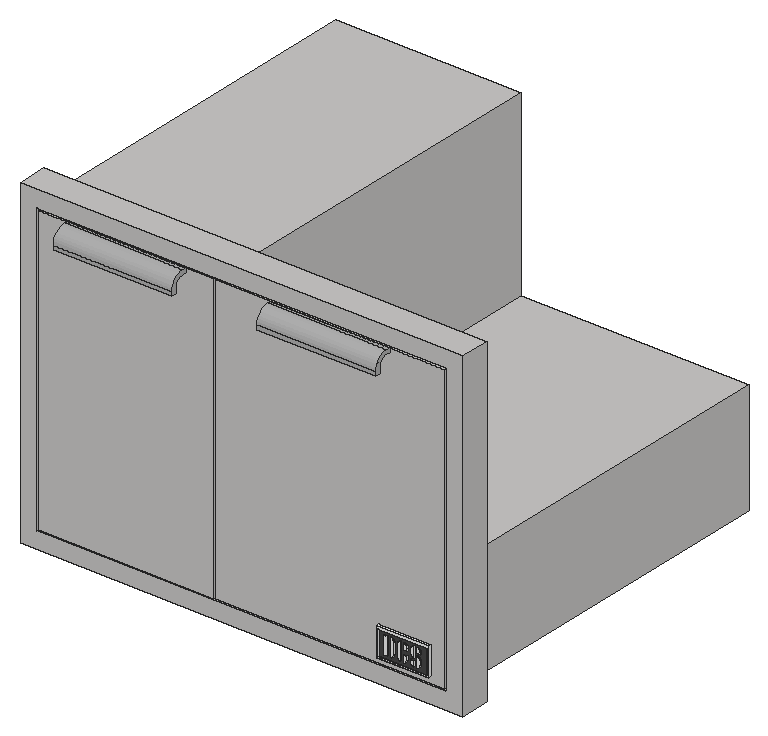
Revit family "DCS_Revit_18_ADR2-30_Storage_593511A", category Specialty Equipment, Revit 2018
Family settings
  Round Connector Dimension = Use Diameter
  Part Type = Normal
  OmniClass Number = 23.40.40.14.17.21
  OmniClass Title = Grills
  Work Plane-Based = No
  Always vertical = Yes
  Cut with Voids When Loaded = Yes
  Shared = No
  Room Calculation Point = No
Parameters (values of type "ADR2-30")
  Visibility - Clearance Required = yes
  URL = "www.dcsappliances.com"
  Product - Width = 762 mm  # constant formula
  Product - Height = 556 mm  # constant formula
  Product - Depth = 676 mm  # constant formula
  Model = "ADR2-30"
  Material - Handle = DCS - Aluminium
  Material - Body = DCS - Stainless Steel
  Manufacturer = "Fisher & Paykel"
  Keynote = ""
  Description = "30\" Access Drawers Built-in"
  Chassis - Width = 711 mm  # constant formula
  Chassis - Height = 507 mm  # constant formula
  Chassis - Depth = 595 mm  # constant formula
  Cavity - Width = 711 mm  # constant formula
  Cavity - Height = 508 mm  # constant formula
  Cavity - Depth = 597 mm  # constant formula
Reference planes
  plane 1 "Center (Front/Back)": y = 0
  plane 2: z = 0
  plane 3 "Center (Left/Right)": x = 0
  plane 4 "Cavity - Height": z = 508
  plane 5 "Product LHS": x = -381
  plane 6 "Product RHS": x = 381
  plane 7 "Product - Depth": y = 595
  plane 8 "Cavity LHS": x = -355.5
  plane 9 "Cavity RHS": x = 355.5
  plane 10 "Cavity - Depth": y = 597
  plane 11 "Product - Front": y = -81
  plane 12 "Chassis LHS": x = -355.5
  plane 13 "Chassis RHS": x = 355.5
  plane 14 "Product - Height": z = 531
  plane 15 "Chassis - Height": z = 507
  plane 16 "Product - Lower": z = -25
Forms (mm)
  Extrusion 1, solid, material "DCS - Stainless Steel" <- "Material - Body"
    sketch origin (0, 0, 0) x (1, 0, 0) y (0, 0, 1)
      loop
        line (-381, 531) -> (-381, -25) -> (381, -25) -> (381, 531) -> (-381, 531)
      loop
        line (352.5, 3.6) -> (352.5, 502.4) -> (-352.5, 502.4) -> (-352.5, 3.6) -> (352.5, 3.6)
      loop
        line (-349.3, 499.263) -> (-349.3, 6.737) -> (-47.3, 6.737) -> (-47.3, 499.263) -> (-349.3, 499.263)
      loop
        line (349.3, 6.737) -> (349.3, 499.263) -> (-43.7, 499.263) -> (-43.7, 6.737) -> (349.3, 6.737)
    from 0 to 51
  Extrusion 2, solid, material "DCS - Stainless Steel" <- "Material - Body"
    sketch origin (0, 0, 0) x (1, 0, 0) y (0, 0, 1)
      loop
        line (-355.5, 507) -> (-355.5, 0) -> (355.5, 0) -> (355.5, 194.016) -> (-36.893, 194.016) -> (-36.893, 507) -> (-355.5, 507)
    from -595 to 0
  Extrusion 3, solid, material "DCS - Aluminium" <- "Material - Handle"
    sketch origin (0, 0, 0) x (0, 1, 0) y (0, 0, 1)
      loop
        arc (-56.834, 499.263) -> (-73.881, 492.617) -> (-81, 475.763) r 23.509
        line (-81, 475.763) -> (-81, 469.083) -> (-72.17, 469.083) -> (-72.17, 483.453)
        arc (-72.17, 483.453) -> (-66.093, 489.897) -> (-57.56, 492.273) r 16.51
        line (-57.56, 492.273) -> (-51, 492.273) -> (-51, 499.263) -> (-56.834, 499.263)
    from -300.05 to -96.05
  Extrusion 4, solid, material "DCS - Aluminium" <- "Material - Handle"
    sketch origin (0, 0, 0) x (0, 1, 0) y (0, 0, 1)
      loop
        arc (-56.834, 499.263) -> (-73.881, 492.617) -> (-81, 475.763) r 23.509
        line (-81, 475.763) -> (-81, 469.083) -> (-72.17, 469.083) -> (-72.17, 483.453)
        arc (-72.17, 483.453) -> (-66.093, 489.897) -> (-57.56, 492.273) r 16.51
        line (-57.56, 492.273) -> (-51, 492.273) -> (-51, 499.263) -> (-56.834, 499.263)
    from 50.55 to 254.55
  Extrusion 5, solid, material "DCS - Clearance Required", visible <- "Visibility - Clearance Required", detail levels coarse
    sketch origin (0, 0, 0) x (0, 1, 0) y (0, 0, 1)
      loop
        line (0, 0) -> (597, 0) -> (597, 508) -> (0, 508) -> (0, 0)
    from -355.5 to 355.5
  Extrusion 6, void
    sketch origin (0, 0, 0) x (0, 1, 0) y (0, 0, 1)
      loop
        line (0, 0) -> (597, 0) -> (597, 508) -> (0, 508) -> (0, 0)
    from -355.5 to 355.5
  Extrusion 7, solid, material "DCS - Clearance Required", visible <- "Visibility - Clearance Required", detail levels coarse
    sketch origin (0, 0, 0) x (0, 1, 0) y (0, 0, 1)
      loop
        arc (-499.394, 499.263) -> (-514.233, 492.391) -> (-521, 477.505) r 23.509
        line (-521, 477.505) -> (-521, 469.146) -> (-491, 469.146) -> (-491, 6.737) -> (-51, 6.737) -> (-51, 499.263) -> (-491, 499.263) -> (-499.394, 499.263)
    from -349.3 to 349.3
Text (mm)
  text "Due to ongoing product development, product details are subject to change without notice. \nPlease always refer to www.fisherpaykel.com for the most current product information. \n© Fisher & Paykel Appliances Ltd 2020" at (40.13, -602.118, 0), in view "Ref. Level (Plan)"
Dimensions and locks
  equal spacing: plane 5 "Product LHS", plane 3 "Center (Left/Right)", plane 6 "Product RHS"
  "Product - Width": plane 5 "Product LHS" to plane 6 "Product RHS"
  equal spacing: plane 8 "Cavity LHS", plane 3 "Center (Left/Right)", plane 9 "Cavity RHS"
  "Cavity - Width": plane 8 "Cavity LHS" to plane 9 "Cavity RHS"
  "Cavity - Depth": plane 10 "Cavity - Depth" to plane 1 "Center (Front/Back)"
  "Cavity - Height": plane 4 "Cavity - Height" to level
  equal spacing: plane 12 "Chassis LHS", plane 3 "Center (Left/Right)", plane 13 "Chassis RHS"
  "Chassis - Width": plane 12 "Chassis LHS" to plane 13 "Chassis RHS"
  "Chassis - Height": plane 15 "Chassis - Height" to level
  locked: level to plane 16 "Product - Lower" at 25
  "Product - Height": plane 16 "Product - Lower" to plane 14 "Product - Height"
  plane 5 "Product LHS" to plane 6 "Product RHS" = 762 mm
  "Chassis - Depth": plane 7 "Product - Depth" to plane 1 "Center (Front/Back)"
  "Product - Depth": plane 7 "Product - Depth" to plane 11 "Product - Front"
  aligned and locked: level to plane 2
  aligned and locked: plane 13 "Chassis RHS" to Extrusion 2 sketch curve
  aligned and locked: level to Extrusion 2 sketch curve
  aligned and locked: Extrusion 2 sketch curve to plane 12 "Chassis LHS"
  aligned and locked: Extrusion 2 sketch curve to plane 15 "Chassis - Height"
  aligned and locked: plane 1 "Center (Front/Back)" to Extrusion 2
  aligned and locked: plane 7 "Product - Depth" to Extrusion 2
  aligned and locked: Extrusion 5 to plane 9 "Cavity RHS"
  aligned and locked: plane 8 "Cavity LHS" to Extrusion 5
  aligned and locked: plane 10 "Cavity - Depth" to Extrusion 5
  aligned and locked: plane 8 "Cavity LHS" to Extrusion 6
  aligned and locked: Extrusion 6 to plane 9 "Cavity RHS"
  aligned and locked: plane 10 "Cavity - Depth" to Extrusion 6
Automatic sketch dimensions
  Extrusion 2 sketch curve to plane 3 "Center (Left/Right)" = 36.893 mm
  level to Extrusion 2 sketch curve = 194.016 mm
  plane 11 "Product - Front" to Extrusion 3 sketch curve = 0 mm
  plane 11 "Product - Front" to Extrusion 3 sketch curve = 8.83 mm
  Extrusion 3 sketch curve to Extrusion 3 sketch curve = 14.61 mm
  Extrusion 3 sketch curve to Extrusion 3 sketch curve = 0.069 mm
  Extrusion 3 sketch curve to Extrusion 3 sketch curve = 0.726 mm
  Extrusion 3 sketch curve to Extrusion 3 sketch curve = 6.56 mm
  Extrusion 3 sketch curve to plane 15 "Chassis - Height" = 37.917 mm
  Extrusion 3 sketch curve to Extrusion 3 sketch curve = 6.681 mm
  Extrusion 3 sketch curve to Extrusion 3 sketch curve = 0 mm
  Extrusion 3 sketch curve to Extrusion 3 sketch curve = 7.689 mm
  Extrusion 4 sketch curve to plane 11 "Product - Front" = 0 mm
  plane 11 "Product - Front" to Extrusion 4 sketch curve = 8.83 mm
  Extrusion 4 sketch curve to Extrusion 4 sketch curve = 14.61 mm
  Extrusion 4 sketch curve to Extrusion 4 sketch curve = 0.069 mm
  Extrusion 4 sketch curve to Extrusion 4 sketch curve = 0.726 mm
  Extrusion 4 sketch curve to Extrusion 4 sketch curve = 6.56 mm
  Extrusion 4 sketch curve to plane 15 "Chassis - Height" = 37.917 mm
  Extrusion 4 sketch curve to Extrusion 4 sketch curve = 6.681 mm
  Extrusion 4 sketch curve to Extrusion 4 sketch curve = 0 mm
  Extrusion 4 sketch curve to Extrusion 4 sketch curve = 7.689 mm
  Extrusion 5 sketch curve to plane 1 "Center (Front/Back)" = 0 mm
  Extrusion 5 sketch curve to plane 4 "Cavity - Height" = 0 mm
  Extrusion 5 sketch curve to plane 10 "Cavity - Depth" = 0 mm
  Extrusion 5 sketch curve to level = 0 mm
  Extrusion 6 sketch curve to plane 1 "Center (Front/Back)" = 0 mm
  Extrusion 6 sketch curve to plane 4 "Cavity - Height" = 0 mm
  Extrusion 6 sketch curve to plane 10 "Cavity - Depth" = 0 mm
  Extrusion 6 sketch curve to level = 0 mm
  plane 5 "Product LHS" to Extrusion 1 sketch curve = 0 mm
  plane 6 "Product RHS" to Extrusion 1 sketch curve = 0 mm
  Extrusion 1 sketch curve to plane 16 "Product - Lower" = 0 mm
  Extrusion 1 sketch curve to plane 14 "Product - Height" = 0 mm
  Extrusion 1 sketch curve to plane 8 "Cavity LHS" = 3 mm
  Extrusion 1 sketch curve to Extrusion 1 sketch curve = 3.2 mm
  level to Extrusion 1 sketch curve = 6.737 mm
  Extrusion 1 sketch curve to plane 3 "Center (Left/Right)" = 47.3 mm
  Extrusion 1 sketch curve to Extrusion 1 sketch curve = 3.6 mm
  plane 9 "Cavity RHS" to Extrusion 1 sketch curve = 6.2 mm
  plane 9 "Cavity RHS" to Extrusion 1 sketch curve = 3 mm
  level to Extrusion 1 sketch curve = 3.6 mm
  Extrusion 1 sketch curve to Extrusion 1 sketch curve = 3.137 mm  (x2)
  Extrusion 1 sketch curve to plane 15 "Chassis - Height" = 7.737 mm
  Extrusion 1 sketch curve to Extrusion 1 sketch curve = 0 mm
  Extrusion 7 sketch curve to plane 15 "Chassis - Height" = 29.495 mm
  Extrusion 7 sketch curve to plane 11 "Product - Front" = 440 mm
  Extrusion 7 sketch curve to plane 15 "Chassis - Height" = 7.737 mm
  Extrusion 7 sketch curve to Extrusion 7 sketch curve = 21.606 mm
  Extrusion 7 sketch curve to Extrusion 7 sketch curve = 1.843 mm
  Extrusion 7 sketch curve to Extrusion 7 sketch curve = 6.551 mm
  Extrusion 7 sketch curve to Extrusion 7 sketch curve = 8.394 mm
  plane 11 "Product - Front" to Extrusion 7 sketch curve = 30 mm
  Extrusion 7 sketch curve to Extrusion 7 sketch curve = 8.359 mm
  level to Extrusion 7 sketch curve = 6.737 mm
Nested families
  nested 1: "DCS Logo New Large" at (281.5, -51, 42.5), type "DCS Logo New Large"
Definition of nested family "DCS Logo New Large"
  Parameters (values of type "DCS Logo New Large")
    URL = "www.dcsappliances.com"
    Product - Width = 89.45 mm
    Product - Height = 49 mm
    Product - Depth = 6 mm
    Material - Logo = none
    Material - Body = none
    Manufacturer = "Fisher & Paykel Appliances"
  Reference planes
    plane 1 "Center (Front/Back)": y = 0
    plane 2: z = 0
    plane 3 "Center (Left/Right)": x = 0
    plane 4 "Product Top": z = 24.5
    plane 5 "Product LHS": x = -44.725
    plane 6 "Product RHS": x = 44.725
    plane 7 "Product - Depth": y = -6
    plane 8 "Product Bottom": z = -24.5
  Forms (mm)
    Extrusion 1, solid, material <- "Material - Logo", detail levels medium+fine
      sketch origin (0, 0, -0.347) x (1, 0, 0) y (0, 0, 1)
        loop
          line (-44.725, 24.847) -> (-44.725, -24.153) -> (44.725, -24.153) -> (44.725, 24.847) -> (-44.725, 24.847)
        loop
          line (-41.725, 21.847) -> (-41.725, -21.153) -> (41.725, -21.153) -> (41.725, 21.847) -> (-41.725, 21.847)
      from 0 to 6
    Extrusion 2, solid, material <- "Material - Body", detail levels medium+fine
      sketch origin (0, 0, 0) x (1, 0, 0) y (0, 0, 1)
        loop
          line (-41.725, 21.5) -> (-41.725, -21.5) -> (41.725, -21.5) -> (41.725, 21.5) -> (-41.725, 21.5)
      from 0 to 4.974
    Extrusion 3, solid, material <- "Material - Logo", detail levels fine
      sketch origin (0, 0, 0) x (1, 0, 0) y (0, 0, 1)
        loop
          line (-31.141, 15.364) -> (-31.141, -15.364) -> (-25.323, -15.364) -> (-25.323, 15.364) -> (-31.141, 15.364)
        loop
          arc (-20.07, -15.416) -> (-15.93, -13.415) -> (-14.252, -9.134) r 6.301
          line (-14.252, -9.134) -> (-14.252, 9.134)
          arc (-14.252, 9.134) -> (-15.93, 13.414) -> (-20.07, 15.412) r 6.296
          line (-20.07, 15.412) -> (-20.07, -15.416)
        loop
          arc (-8.445, -9.134) -> (-6.767, -13.414) -> (-2.627, -15.412) r 6.296
          line (-2.627, -15.412) -> (-2.627, 15.416)
          arc (-2.627, 15.416) -> (-6.767, 13.415) -> (-8.445, 9.134) r 6.301
          line (-8.445, 9.134) -> (-8.445, -9.134)
        loop
          arc (2.627, -15.377) -> (6.765, -13.401) -> (8.445, -9.134) r 6.259
          line (8.445, -9.134) -> (8.445, -4.011) -> (2.627, -4.011) -> (2.627, -15.377)
        loop
          arc (8.445, 9.134) -> (6.767, 13.414) -> (2.627, 15.412) r 6.296
          line (2.627, 15.412) -> (2.627, 4.011) -> (8.445, 4.011) -> (8.445, 9.134)
        loop
          line (20.07, -2.527) -> (20.07, 15.375)
          arc (20.07, 15.375) -> (15.932, 13.4) -> (14.252, 9.134) r 6.257
          line (14.252, 9.134) -> (14.252, 4.145)
          arc (14.252, 4.145) -> (16.005, -0.199) -> (20.07, -2.527) r 7.155
        loop
          line (14.252, -6.875) -> (14.252, -9.134)
          arc (14.252, -9.134) -> (15.93, -13.414) -> (20.07, -15.412) r 6.296
          line (20.07, -15.412) -> (20.07, -6.875) -> (14.252, -6.875)
        loop
          line (25.323, 2.499) -> (25.323, -15.378)
          arc (25.323, -15.378) -> (29.461, -13.401) -> (31.141, -9.134) r 6.259
          line (31.141, -9.134) -> (31.141, -4.145)
          arc (31.141, -4.145) -> (29.481, 0.271) -> (25.323, 2.499) r 6.702
        loop
          line (25.323, 6.875) -> (31.141, 6.875) -> (31.141, 9.134)
          arc (31.141, 9.134) -> (29.464, 13.419) -> (25.323, 15.427) r 6.313
          line (25.323, 15.427) -> (25.323, 6.875)
      from 4.974 to 6
  Dimensions and locks
    plane 7 "Product - Depth" to plane 1 "Center (Front/Back)" = 6 mm
    equal spacing: Extrusion 1 sketch curve, plane 3 "Center (Left/Right)", Extrusion 1 sketch curve
    "Product - Depth": plane 7 "Product - Depth" to plane 1 "Center (Front/Back)"
    equal spacing: plane 4 "Product Top", level, plane 8 "Product Bottom"
    "Product - Height": plane 4 "Product Top" to plane 8 "Product Bottom"
    equal spacing: plane 5 "Product LHS", plane 3 "Center (Left/Right)", plane 6 "Product RHS"
    "Product - Width": plane 5 "Product LHS" to plane 6 "Product RHS"
    aligned and locked: level to plane 2
    aligned and locked: Extrusion 1 to plane 7 "Product - Depth"
    aligned and locked: Extrusion 3 to plane 7 "Product - Depth"
    aligned and locked: plane 6 "Product RHS" to Extrusion 1 sketch curve
    aligned and locked: Extrusion 1 sketch curve to plane 4 "Product Top"
    aligned and locked: plane 8 "Product Bottom" to Extrusion 1 sketch curve
    aligned and locked: Extrusion 1 sketch curve to plane 5 "Product LHS"
    aligned and locked: Extrusion 2 sketch curve to Extrusion 1  (x4)
  Automatic sketch dimensions
    Extrusion 3 sketch curve to plane 5 "Product LHS" = 13.584 mm
    Extrusion 3 sketch curve to Extrusion 3 sketch curve = 5.818 mm  (x5)
    Extrusion 3 sketch curve to Extrusion 3 sketch curve = 4.771 mm
    Extrusion 3 sketch curve to Extrusion 3 sketch curve = 4.775 mm
    Extrusion 3 sketch curve to Extrusion 3 sketch curve = 6.296 mm
    Extrusion 3 sketch curve to Extrusion 3 sketch curve = 5.807 mm  (x3)
    Extrusion 3 sketch curve to plane 3 "Center (Left/Right)" = 2.627 mm
    Extrusion 3 sketch curve to plane 3 "Center (Left/Right)" = 2.149 mm
    Extrusion 3 sketch curve to plane 3 "Center (Left/Right)" = 2.144 mm
    plane 3 "Center (Left/Right)" to Extrusion 3 sketch curve = 2.148 mm
    plane 3 "Center (Left/Right)" to Extrusion 3 sketch curve = 2.186 mm
    plane 3 "Center (Left/Right)" to Extrusion 3 sketch curve = 2.627 mm  (x2)
    Extrusion 3 sketch curve to level = 2.527 mm
    Extrusion 3 sketch curve to Extrusion 3 sketch curve = 0 mm  (x3)
    Extrusion 3 sketch curve to Extrusion 3 sketch curve = 0.439 mm
    Extrusion 3 sketch curve to Extrusion 3 sketch curve = 0.478 mm
    level to Extrusion 3 sketch curve = 4.504 mm
    Extrusion 3 sketch curve to Extrusion 3 sketch curve = 0.889 mm
    Extrusion 3 sketch curve to Extrusion 3 sketch curve = 4.369 mm
    Extrusion 3 sketch curve to Extrusion 3 sketch curve = 4.32 mm
    Extrusion 3 sketch curve to Extrusion 3 sketch curve = 4.334 mm
    Extrusion 3 sketch curve to Extrusion 3 sketch curve = 5.254 mm  (x3)
    Extrusion 3 sketch curve to Extrusion 3 sketch curve = 6.702 mm
    Extrusion 3 sketch curve to level = 4.011 mm
    Extrusion 3 sketch curve to level = 4.145 mm
    Extrusion 3 sketch curve to Extrusion 3 sketch curve = 2.865 mm
    Extrusion 3 sketch curve to Extrusion 3 sketch curve = 4.989 mm
    Extrusion 3 sketch curve to Extrusion 3 sketch curve = 5.123 mm  (x2)
    Extrusion 3 sketch curve to Extrusion 3 sketch curve = 2.259 mm  (x2)
    Extrusion 3 sketch curve to level = 9.134 mm
    Extrusion 3 sketch curve to Extrusion 3 sketch curve = 6.23 mm  (x2)
    level to Extrusion 3 sketch curve = 4.011 mm
    level to Extrusion 3 sketch curve = 6.875 mm
    level to Extrusion 3 sketch curve = 9.134 mm
    Extrusion 3 sketch curve to Extrusion 3 sketch curve = 4.63 mm
    Extrusion 1 sketch curve to plane 5 "Product LHS" = 3 mm
    Extrusion 1 sketch curve to plane 4 "Product Top" = 3 mm
    plane 8 "Product Bottom" to Extrusion 1 sketch curve = 3 mm
